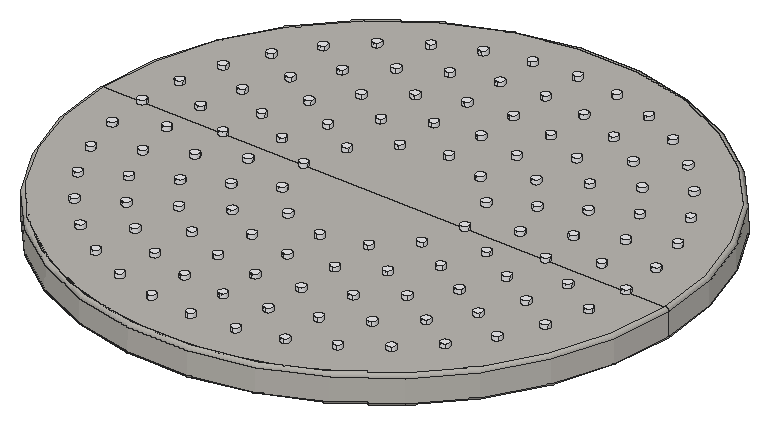
Revit family "Shower-Rainhead-KOHLER-Modern-K-22456T", category Plumbing Fixtures, host Face, Revit 2022 (continued)
Definition of nested family "K-22456T"
  Lines and regions (in)
    symbolic lines, detail levels medium+fine
      curve 221: circle (0.73835, 4.18737, 0) r 0.07283 normal (0, 0, 1)
      curve 222: circle (1.45426, 3.99554, 0) r 0.07283 normal (0, 0, 1)
      curve 223: circle (2.12598, 3.68231, 0) r 0.07283 normal (0, 0, 1)
      curve 224: circle (2.73311, 3.2572, 0) r 0.07283 normal (0, 0, 1)
      curve 225: circle (3.2572, 2.73311, 0) r 0.07283 normal (0, 0, 1)
      curve 226: circle (3.68231, 2.12598, 0) r 0.07283 normal (0, 0, 1)
      curve 227: circle (3.99554, 1.45426, 0) r 0.07283 normal (0, 0, 1)
      curve 228: circle (4.18737, 0.73835, 0) r 0.07283 normal (0, 0, 1)
      curve 229: circle (4.25197, 0, 0) r 0.07283 normal (0, 0, 1)
      curve 230: circle (4.18737, -0.73835, 0) r 0.07283 normal (0, 0, 1)
      curve 231: circle (3.99554, -1.45426, 0) r 0.07283 normal (0, 0, 1)
      curve 232: circle (3.68231, -2.12598, 0) r 0.07283 normal (0, 0, 1)
      curve 233: circle (3.2572, -2.73311, 0) r 0.07283 normal (0, 0, 1)
      curve 234: circle (2.73311, -3.2572, 0) r 0.07283 normal (0, 0, 1)
      curve 235: circle (2.12598, -3.68231, 0) r 0.07283 normal (0, 0, 1)
      curve 236: circle (1.45426, -3.99554, 0) r 0.07283 normal (0, 0, 1)
      curve 237: circle (0.73835, -4.18737, 0) r 0.07283 normal (0, 0, 1)
      curve 238: circle (0, -4.25197, 0) r 0.07283 normal (0, 0, 1)
      curve 239: circle (-0.73835, -4.18737, 0) r 0.07283 normal (0, 0, 1)
      curve 240: circle (-1.45426, -3.99554, 0) r 0.07283 normal (0, 0, 1)
      curve 241: circle (-2.12598, -3.68231, 0) r 0.07283 normal (0, 0, 1)
      curve 242: circle (-2.73311, -3.2572, 0) r 0.07283 normal (0, 0, 1)
      curve 243: circle (-3.2572, -2.73311, 0) r 0.07283 normal (0, 0, 1)
      curve 244: circle (-3.68231, -2.12598, 0) r 0.07283 normal (0, 0, 1)
      curve 245: circle (-3.99554, -1.45426, 0) r 0.07283 normal (0, 0, 1)
      curve 246: circle (-4.18737, -0.73835, 0) r 0.07283 normal (0, 0, 1)
      curve 247: circle (-4.25197, 0, 0) r 0.07283 normal (0, 0, 1)
      curve 248: circle (-4.18737, 0.73835, 0) r 0.07283 normal (0, 0, 1)
      curve 249: circle (-3.99554, 1.45426, 0) r 0.07283 normal (0, 0, 1)
      curve 250: circle (-3.68231, 2.12598, 0) r 0.07283 normal (0, 0, 1)
      curve 251: circle (-3.2572, 2.73311, 0) r 0.07283 normal (0, 0, 1)
      curve 252: circle (-2.73311, 3.2572, 0) r 0.07283 normal (0, 0, 1)
      curve 253: circle (-2.12598, 3.68231, 0) r 0.07283 normal (0, 0, 1)
      curve 254: circle (-1.45426, 3.99554, 0) r 0.07283 normal (0, 0, 1)
      curve 255: circle (-0.73835, 4.18737, 0) r 0.07283 normal (0, 0, 1)
      curve 256: circle (0, 0, 0) r 4.92126 normal (0, 0, 1)
  Dimensions and locks (in)
    plane 4 to plane 5 = 10"
    plane 8 to level = 2.50394"
    plane 9 to plane 10 = 0.47244"
    plane 3 "Center (Left/Right)" to plane 11 = 0.74803"
    aligned and locked: plane 2 to level
Types (5): name | Type | Product Page URL | Model | Finish
  (no name) | 4 | "" | "K-22456T-L-LBN" | KOHLER-Plastic-LBN-Non_Pvd_Brushed_Nickel
  BL-Matte Black | 1 | "" | "K-22456T-BL" | Kohler-Plastic-BL-Matte_Black
  L, BL-Matte Black | 2 | "" | "K-22456T-L-BL" | Kohler-Plastic-BL-Matte_Black
  L, CP-Polished Chrome | 3 | "https://www.kohler.com.cn/product/K-22456T-L-CP/K-22456T-L-CP/" | "K-22456T-L-CP" | Kohler-Plastic-CP-Polished_Chrome
  L, LBN-Non Pvd Brushed Nickel | 4 | "" | "K-22456T-L-LBN" | KOHLER-Plastic-LBN-Non_Pvd_Brushed_Nickel
